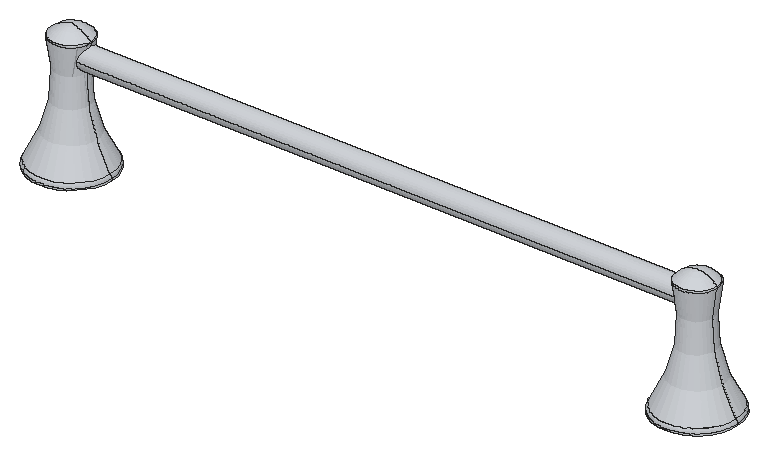
Revit family "Accessory-Towel_Bar-KOHLER-CORALAIS-K-13430T_1", category Specialty Equipment, host Face, Revit 2017
Family settings
  Host = Face
  Round Connector Dimension = Use Diameter
  Part Type = Normal
  OmniClass Number = 23.31.25.25
  OmniClass Title = Towel Bars
  Cut with Voids When Loaded = No
  Shared = No
  Room Calculation Point = No
Parameters (values of type "CP-Polished Chrome")
  Width = 18"  # constant formula
  WaterSense Certified = 1 = 0  # no
  URL = "http://www.kohler.com.cn/en/"
  Type = 1
  Product Page URL = "https://www.kohler.com.cn/product/K-13430T-CP/K-13430T-CP/"
  Product Name = "CORALAIS"  # constant formula
  Product Documentation Link = "https://files.kohler.com.cn/pdfs/13430t_13428t.pdf"
  Model = if(Type = 1, "K-13430T-CP", if(Type = 2, "K-13430T-AF", if(Type = 3, "K-13430T-BL", "NA")))  # "K-13430T-CP"
  Material = "Premium Metal Construction"  # constant formula
  Master Format 2014 Name = "Toilet, Bath, and Laundry Accessories"  # constant formula
  Master Format 2014 = "10 28 00"  # constant formula
  Manufacturer Address = "158 Jiangchang 3rd Road Zhabei District Shanghai, 200436 China"  # constant formula
  Manufacturer = "KOHLER Co."  # constant formula
  Length = 3.62598"  # constant formula
  Height = 3.62598"  # constant formula
  Finish = Kohler-Metal-CP-Polished_Chrome
  Environmental Product Declaration = ""
  Description = "18 inch Towel Bar"  # constant formula
  Default Elevation = 42"
  Declare Label = ""
  Date Modified = "07/02/2020"  # constant formula
  Date Created = "07/02/2020"  # constant formula
  Copyright = "Copyright KOHLER Co."  # constant formula
  Contact Us = "http://www.kohler.com.cn/en/contact/contact-us/"
  Assembly Code = "C1030200"
  ADA Compliant = 1 = 0  # no
Types (4): name | Type | Product Page URL | Model | Finish
  (no name) | 1 | "https://www.kohler.com.cn/product/K-13430T-CP/K-13430T-CP/" | "K-13430T-CP" | Kohler-Metal-CP-Polished_Chrome
  CP-Polished Chrome | 1 | "https://www.kohler.com.cn/product/K-13430T-CP/K-13430T-CP/" | "K-13430T-CP" | Kohler-Metal-CP-Polished_Chrome
  AF-Flange Gold | 2 | "https://www.kohler.com.cn/product/K-13430T-CP/K-13430T-AF/" | "K-13430T-AF" | Kohler-Metal-AF-Flange_Gold
  BL-Matte Black | 3 | "https://www.kohler.com.cn/product/K-13430T-CP/K-13430T-BL/" | "K-13430T-BL" | Kohler-Metal-BL-Matte_Black
Reference planes (in)
  plane 1 "Center (Front/Back)": y = 0
  plane 2: z = 0
  plane 3 "Center (Left/Right)": x = 0
  plane 4: x = -10.15182
  plane 5: x = -7.84872
  plane 6: x = 10.15182
  plane 7: x = 7.84872
  plane 8: y = 1.13125
  plane 9: y = -2.49473
  plane 10: z = 3.62598
  plane 11: x = -9.00027
  plane 12: x = 8.99973
  plane 13: y = 0.32113
  plane 14: y = -0.32113
  plane 15: z = 3.27229
  plane 16: z = 2.6352
  plane 17: z = 0.16904
Dimensions and locks (in)
  "Length": plane 10 to level
  "Width": plane 11 to plane 12
  "Height": plane 8 to plane 9
  aligned and locked: plane 2 to host face
  aligned and locked: level to host face
Automatic sketch dimensions
  host sketch curve to host sketch curve = 96"  (x2)
Nested families (in)
  nested 1: "K-13430T" at (0, 0, 0), type "K-13430T"
Definition of nested family "K-13430T"
  Parameters (values of type "K-13430T")
    Material = none
  Reference planes (in)
    plane 1 "Center (Front/Back)": y = 0
    plane 2: z = 0
    plane 3 "Center (Left/Right)": x = 0
    plane 4: y = 1.13349
    plane 5: y = -1.1336
    plane 6: x = -9.00027
    plane 7: x = 9.00027
    plane 8: z = 3.65916
    plane 9: z = 3.27229
    plane 10: z = 2.6352
    plane 11: z = 0.19373
    plane 12: z = 0.16904
    plane 13: x = 10.13308
    plane 14: x = 7.86746
    plane 15: x = -10.13308
    plane 16: x = -7.86746
  Forms (in)
    Revolve 1, solid, material <- "Material", detail levels medium+fine
      sketch origin (0, 0, 2.95242) x (1, 0, 0) y (0, 0, 1)
        loop
          line (-9.00027, -2.95277) -> (-9.00027, 0.70881)
          arc (-9.00027, 0.70881) -> (-9.30666, 0.62199) -> (-9.56565, 0.4367) r 0.92793
          arc (-9.56565, 0.4367) -> (-9.5755, 0.41953) -> (-9.57567, 0.39972) r 0.03906
          arc (-9.57567, 0.39972) -> (-9.50983, -1.24944) -> (-10.11561, -2.78473) r 3.99896
          arc (-10.11561, -2.78473) -> (-10.14257, -2.84235) -> (-10.15182, -2.90528) r 0.21875
          line (-10.15182, -2.90528) -> (-10.15182, -2.95277) -> (-9.00027, -2.95277)
        axis (-9.00027, 0.70881) -> (-9.00027, -2.95277)
      angle from 0 to 360
    Sweep 2, solid, material <- "Material", detail levels medium+fine
      path origin (0, 0, 2.95242) x (1, 0, 0) y (0, 0, 1)
        loop
          line (-9.00027, 0) -> (8.99973, 0)
      profile origin (-0.00027, 0, 2.95242) x (0, 0, 1) y (0, -1, 0)
        loop
          circle (0, 0) r 0.31987
    Revolve 3, solid, material <- "Material", detail levels coarse
      sketch origin (0, 0, 0) x (1, 0, 0) y (0, 0, 1)
        loop
          line (-9.00027, -0.00034) -> (-9.00027, 3.65968) -> (-9.50646, 3.65968) -> (-10.15182, -0.00034) -> (-9.00027, -0.00034)
        axis (-9.00027, 3.65968) -> (-9.00027, -0.00034)
      angle from 0 to 360
    Sweep 4, solid, material <- "Material", detail levels coarse
      path origin (0, 0, 0) x (1, 0, 0) y (0, 0, 1)
        loop
          line (-9.00027, 2.95468) -> (8.93999, 2.95468)
      profile origin (-0.03014, 0, 2.95468) x (0, 0, 1) y (0, -1, 0)
        loop
          circle (0, 0) r 0.32082
    Revolve 5, solid, material <- "Material", detail levels medium+fine
      sketch origin (0, 0, 2.95242) x (-1, 0, 0) y (0, 0, -1)
        loop
          line (-9.00027, 2.95277) -> (-10.15182, 2.95277) -> (-10.15182, 2.90528)
          arc (-10.15182, 2.90528) -> (-10.14257, 2.84235) -> (-10.11561, 2.78473) r 0.21875
          arc (-10.11561, 2.78473) -> (-9.50983, 1.24944) -> (-9.57567, -0.39972) r 3.99896
          arc (-9.57567, -0.39972) -> (-9.5755, -0.41953) -> (-9.56565, -0.4367) r 0.03906
          arc (-9.56565, -0.4367) -> (-9.30666, -0.62199) -> (-9.00027, -0.70881) r 0.92793
          line (-9.00027, -0.70881) -> (-9.00027, 2.95277)
        axis (-9.00027, -0.70881) -> (-9.00027, 2.95277)
      angle from 0 to 360
    Revolve 6, solid, material <- "Material", detail levels coarse
      sketch origin (0, 0, 0) x (-1, 0, 0) y (0, 0, 1)
        loop
          line (-9.00027, -0.00034) -> (-9.00027, 3.65968) -> (-9.50646, 3.65968) -> (-10.15182, -0.00034) -> (-9.00027, -0.00034)
        axis (-9.00027, 3.65968) -> (-9.00027, -0.00034)
      angle from 0 to 360
  Cuts and joins
    joined: Revolve 1, Sweep 2, Revolve 5
    joined: Revolve 3, Sweep 4, Revolve 6
  Lines and regions (in)
    Masking region 1
      outline origin (0, 0, 0) x (1, 0, 0) y (0, 1, 0)
        loop
          line (-7.89396, -0.31963) -> (7.89396, -0.31963)
          arc (7.89396, -0.31963) -> (9.16168, -1.14018) -> (10.15182, 0) r 1.15155
          arc (10.15182, 0) -> (9.16245, 1.14007) -> (7.8944, 0.32113) r 1.15155
          line (7.8944, 0.32113) -> (-7.8944, 0.32113)
          arc (-7.8944, 0.32113) -> (-9.16245, 1.14007) -> (-10.15182, 0) r 1.15155
          arc (-10.15182, 0) -> (-9.16168, -1.14018) -> (-7.89396, -0.31963) r 1.15155
    Masking region 2
      outline origin (0, 0, 2.95242) x (1, 0, 0) y (0, 0, 1)
        loop
          arc (-9.56367, 0.4387) -> (-9.57583, 0.41981) -> (-9.57508, 0.39736) r 0.03768
          arc (-9.57508, 0.39736) -> (-9.49738, -1.19343) -> (-10.05157, -2.68659) r 3.9673
          arc (-10.05157, -2.68659) -> (-10.10458, -2.7962) -> (-10.13308, -2.91458) r 0.56972
          line (-10.13308, -2.91458) -> (-10.13308, -2.95242) -> (-7.86746, -2.95242) -> (-7.86746, -2.91458)
          arc (-7.86746, -2.91458) -> (-7.89596, -2.7962) -> (-7.94897, -2.68659) r 0.56972
          arc (-7.94897, -2.68659) -> (-8.43156, -1.54855) -> (-8.54046, -0.31723) r 3.9673
          line (-8.54046, -0.31723) -> (0, -0.31723) -> (8.54046, -0.31723)
          arc (8.54046, -0.31723) -> (8.43256, -1.54453) -> (7.95335, -2.67955) r 3.9673
          arc (7.95335, -2.67955) -> (7.89832, -2.79265) -> (7.86746, -2.91458) r 0.61454
          line (7.86746, -2.91458) -> (7.86746, -2.95242) -> (10.13308, -2.95242) -> (10.13308, -2.91458)
          arc (10.13308, -2.91458) -> (10.10223, -2.79265) -> (10.04719, -2.67955) r 0.61454
          arc (10.04719, -2.67955) -> (9.49674, -1.18933) -> (9.57508, 0.39736) r 3.9673
          arc (9.57508, 0.39736) -> (9.57583, 0.41981) -> (9.56367, 0.4387) r 0.03768
          arc (9.56367, 0.4387) -> (9.00027, 0.70726) -> (8.43687, 0.4387) r 0.72525
          arc (8.43687, 0.4387) -> (8.4249, 0.41976) -> (8.42546, 0.39736) r 0.03862
          line (8.42546, 0.39736) -> (8.4442, 0.31987) -> (0, 0.31987) -> (-8.4442, 0.31987) -> (-8.42546, 0.39736)
          arc (-8.42546, 0.39736) -> (-8.4249, 0.41976) -> (-8.43687, 0.4387) r 0.03862
          arc (-8.43687, 0.4387) -> (-9.00027, 0.70726) -> (-9.56367, 0.4387) r 0.72525
    Masking region 3
      outline origin (0, 0, 2.95313) x (0, 1, 0) y (0, 0, 1)
        loop
          line (0, -2.95313) -> (1.13349, -2.95313) -> (1.13349, -2.91458)
          arc (1.13349, -2.91458) -> (1.10365, -2.79392) -> (1.04959, -2.68199) r 0.60014
          arc (1.04959, -2.68199) -> (0.49954, -1.19052) -> (0.57481, 0.39736) r 3.99398
          arc (0.57481, 0.39736) -> (0.57537, 0.41976) -> (0.5634, 0.4387) r 0.0386
          arc (0.5634, 0.4387) -> (0.30519, 0.62276) -> (0, 0.70884) r 0.92526
          arc (0, 0.70884) -> (-0.30519, 0.62276) -> (-0.5634, 0.4387) r 0.92526
          arc (-0.5634, 0.4387) -> (-0.57537, 0.41976) -> (-0.57481, 0.39736) r 0.0386
          arc (-0.57481, 0.39736) -> (-0.49954, -1.19052) -> (-1.04959, -2.68199) r 3.99398
          arc (-1.04959, -2.68199) -> (-1.10365, -2.79392) -> (-1.13349, -2.91458) r 0.60014
          line (-1.13349, -2.91458) -> (-1.13349, -2.95313) -> (0, -2.95313)
    symbolic lines, detail levels medium+fine
      curve 1: arc (-8.42546, 0, 0) -> (-9.00027, 0.57481, 0) -> (-9.57508, 0, 0) r 0.57481
      curve 2: arc (-9.57508, 0, 0) -> (-9.00027, -0.57481, 0) -> (-8.42546, 0, 0) r 0.57481
      curve 3: arc (-8.43687, 0, 0) -> (-9.00027, 0.5634, 0) -> (-9.56367, 0, 0) r 0.5634
      curve 4: arc (-9.56367, 0, 0) -> (-9.00027, -0.5634, 0) -> (-8.43687, 0, 0) r 0.5634
      curve 5: arc (8.42546, 0, 0) -> (9.00027, 0.57481, 0) -> (9.57508, 0, 0) r 0.57481
      curve 6: arc (9.57508, 0, 0) -> (9.00027, -0.57481, 0) -> (8.42546, 0, 0) r 0.57481
      curve 7: arc (8.43687, 0, 0) -> (9.00027, 0.5634, 0) -> (9.56367, 0, 0) r 0.5634
      curve 8: arc (9.56367, 0, 0) -> (9.00027, -0.5634, 0) -> (8.43687, 0, 0) r 0.5634
      curve 9: line (-9.45094, 0, 2.56759) -> (-8.53842, 0, 2.56759)
      curve 10: line (-9.45405, 0, 2.41873) -> (-8.54621, 0, 2.41873)
      curve 11: line (-8.54621, 0, 2.37934) -> (-9.45396, 0, 2.37934)
      curve 12: line (-10.08964, 0, 0.19372) -> (-7.9109, 0, 0.19372)
      curve 13: line (-7.90072, 0, 0.16904) -> (-10.09982, 0, 0.16904)
      curve 14: line (-10.13308, 0, 0.03785) -> (-7.86746, 0, 0.03785)
      curve 15: line (9.45094, 0, 2.56759) -> (8.54436, 0, 2.56759)
      curve 16: line (9.45405, 0, 2.41873) -> (8.54621, 0, 2.41873)
      curve 17: line (8.54621, 0, 2.37934) -> (9.45396, 0, 2.37934)
      curve 18: line (10.08865, 0, 0.19372) -> (7.91189, 0, 0.19372)
      curve 19: line (7.90179, 0, 0.16904) -> (10.09875, 0, 0.16904)
      curve 20: line (10.13308, 0, 0.03785) -> (7.86746, 0, 0.03785)
      curve 21: arc (-8.4442, 0, 3.27229) -> (-8.51148, 0, 2.95674) -> (-8.53806, 0, 2.6352) r 2.53047
      curve 22: arc (8.4442, 0, 3.27229) -> (8.51148, 0, 2.95674) -> (8.53806, 0, 2.6352) r 2.53047
      curve 23: line (0, 0.45275, 2.3797) -> (0, -0.45331, 2.3797)
      curve 24: line (0, 0.45275, 2.42075) -> (0, -0.45331, 2.42075)
      curve 25: line (0, 0.45859, 2.57028) -> (0, -0.45999, 2.57028)
      curve 26: line (0, 1.08996, 0.19373) -> (0, -1.08996, 0.19373)
      curve 27: line (0, -1.1, 0.16904) -> (0, 1.1, 0.16904)
      curve 28: line (0, 1.13349, 0.03785) -> (0, -1.1336, 0.03785)
      curve 29: line (-7.8944, 0.32113, 0) -> (-8.52353, 0.32113, 0)
      curve 30: line (-7.89396, -0.31963, 0) -> (-8.52252, -0.31963, 0)
      curve 31: line (7.8944, 0.32113, 0) -> (8.52353, 0.32113, 0)
      curve 32: line (7.89396, -0.31963, 0) -> (8.52252, -0.31963, 0)
  Dimensions and locks (in)
    plane 4 to plane 5 = 2.26709"
    plane 6 to plane 7 = 18.00054"
    aligned and locked: level to plane 2
